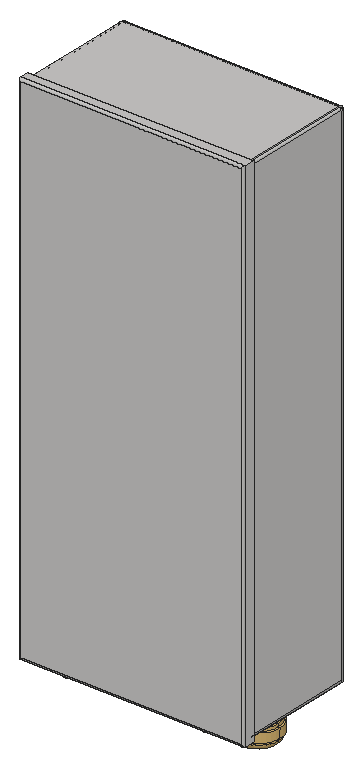
Revit family "HVAC_Other_Enertech_CTC_EL-9-26", category Specialty Equipment, Revit 2018
Family settings
  Round Connector Dimension = Use Diameter
  Part Type = Normal
  OmniClass Number = 23.75.00.00
  OmniClass Title = Climate Control (HVAC)
  Work Plane-Based = No
  Always vertical = No
  Cut with Voids When Loaded = No
  Shared = No
  Room Calculation Point = No
Parameters (values of type "CTC EL 9 400V3N")
  Weight = "9.3 kg"
  WaterVolumeWaterSuply = "N/A"
  WaterVolumeHeathingSystem = "1.6 liters"
  WarrantyStartDate [instance] = "n/a"
  WarrantyGuarantorParts = "n/a"
  WarrantyGuarantorLabor = "n/a"
  WarrantyDurationUnit = "Year"
  WarrantyDurationParts = "n/a"
  WarrantyDurationLabor = "n/a"
  WarrantyDescription = "n/a"
  VersionDate = "24/05/2022"  # constant formula
  Version = "1"  # constant formula
  UsageCurrent = 0 A
  Uniclass2015Reference = "Pr_40_70_65"
  Uniclass2015Description = "Preparation catering equipment"
  Uniclass2 = "Pr_40_70_65"
  URL = "https://ctc-heating.com/products/electric-heating"
  UNSPSCCode = "40102003"
  Type Comments = ""
  Touchscreen = "No"
  TagNumber [instance] = "n/a"
  SustainabilityPerformance = "n/a"
  Status = "n/a"
  SpecifiedOutput = "N/A"
  SoundPowerLWA = "35 dB(A)"
  Sound pressureLPA 5m = "N/A"
  Sound pressureLPA 1m = "N/A"
  Sound pressureLPA 10m = "N/A"
  Size = "138x244x563 mm"
  Shape = "Rectangular"
  SerialNumber [instance] = "7211 xxxx xxxx"
  SEERWarm = "N/A"
  SEERModerate = "N/A"
  SEERCold = "N/A"
  SCOPWarm = "N/A"
  SCOPModerate = "N/A"
  SCOPCold = "N/A"
  Revision = "n/a"  # constant formula
  ReplacementCost = "n/a"
  RefrigerantType = "N/A"
  RefrigerantQuantity = "N/A"
  ReferenceAirFlowRate = "N/A"
  Reference = "n/a"
  RatedVoltage = 1200 V
  RatedHeatOutputModerate = "N/A"
  RatedCurrent = 12.99 A
  PumpSecondaryMaterial = Brass
  PumpMainMaterial = Stainless Steel
  ProductInformation = "A compact and easy-to-install electric flow heater with three power stages: 3, 6 and 9 kW. Often used as additional heat in heat pump systems"
  Product data url = ""
  PowerFactor = 0 W
  PhaseReference = "n/a"
  PhaseAngle = 0.00°
  OutputRangeIimmersionHeater = "3-9 kW"
  OutputRange = "N/A"
  NominalWidth = 243.5 mm
  NominalVoltage = 400 V
  NominalHeight = 566.5 mm
  NominalFrequencyRange = 50 Hz
  NominalDepth = 137.7 mm
  NominalCurrent = 0 A
  Name = "CTC_EL-9-26"  # constant formula
  NBSReference = "90-40-40/320"
  NBSDescription = "Air to water heat pumps"
  ModelReference = "n/a"
  ModelNumber = "589840001"
  MinimumCeilingHeight = "N/A"
  MaxStartingCurrent = "N/A"
  MaxOperatingPressureThermalStore = "7 bar"
  MaxOperatingPressureHotWater = "N/A"
  MaxAirFlowRate = "N/A"
  Material = "Steel"
  ManufacturerURL = "https://ctc.se/"
  ManufacturerName = "Enertech AB"
  Model = "CTC EL 9"
  ManufacturerCountry = "Sweden"
  Manufacturer = "Enertech AB"
  InsulationStandardClass = "n/a"
  InstallationDate [instance] = "n/a"
  InPutPower = "N/A"
  IfcExportType = "HEATER"  # constant formula
  IfcExportAs = "IfcElectricalDeviceCommon"  # constant formula
  IP_Code = "IP44"
  HotTapWaterPerformance = "N/A"
  HasProtectiveEarth = yes
  GroupFuse = "16 A"
  Grade = "n/a"
  Finish = "n/a"
  Features = "n/a"
  ExpectedLife = "n/a"
  EnergyClass_HotWater_TapProfile = "A/XL"
  EnergyClass_HotWater = "N/A"
  EnergyClassHeatingWithControl = "N/A"
  ElectricalDeviceNominalPower = 9000 W
  EANNumber = "7333077098377"
  DurationUnit = "Year"
  Description = "A compact and easy-to-install electric flow heater with three power stages: 3, 6 and 9 kW. Often used as additional heat in heat pump systems"
  Cost = 0
  Constituents = "n/a"
  ConductorFunction = "n/a"
  Color = "white"
  CodePerformance = "n/a"
  Capacity = "N/A"
  COP = "N/A"
  CO2Equivalent = "N/A"
  BrineSystem_Min_MaxPressure = "N/A"
  Barcode [instance] = "n/a"
  AssetIdentifier [instance] = "n/a"
  Category = "electrical heating"
  Brand = "CTC"
  BIMObjectName = "HVAC_Other_Enertech_CTC_EL-9-26"  # constant formula
  Author = "BIMStone"  # constant formula
  AssetType = "Fixed"
  Artikel nr. = ""
  AirFlow = "N/A"
  Accessories = ""
  AccessibilityPerformance = "n/a"
Types (3, lengths in mm): name | Weight | WaterVolumeHeathingSystem | RatedCurrent | ProductInformation | OutputRangeIimmersionHeater | ModelNumber | Model | GroupFuse | ElectricalDeviceNominalPower | EANNumber | Description
  CTC EL 9 400V3N | "9.3 kg" | "1.6 liters" | 12.99 A | "A compact and easy-to-install electric flow heater with three power stages: 3, 6 and 9 kW. Often used as additional heat in heat pump systems" | "3-9 kW" | "589840001" | "CTC EL 9" | "16 A" | 9000 W | "7333077098377" | "A compact and easy-to-install electric flow heater with three power stages: 3, 6 and 9 kW. Often used as additional heat in heat pump systems"
  CTC EL 15 400V3N | "11 kg" | "4.5 liters" | 21.65 A | "A compact and easy-to-install electric flow heater with three power stages: 5, 10 and 15 kW. Often used as additional heat in heat pump systems" | "5-15 kW" | "589841001" | "CTC EL 15" | "25 A" | 15000 W | "7333077098384" | "A compact and easy-to-install electric flow heater with three power stages: 5, 10 and 15 kW. Often used as additional heat in heat pump systems"
  CTC EL 26 400V3N | "15 kg" | "4.5 liters" | 37.53 A | "A compact and easy-to-install electric flow heater with seven power stages: from 4 kW to 26 kW. Often used as additional heat in heat pump systems" | "4-26 kW" | "589842001" | "CTC EL 26" | "40 A" | 26000 W | "7333077098353" | "A compact and easy-to-install electric flow heater with seven power stages: from 4 kW to 26 kW. Often used as additional heat in heat pump systems"
Reference planes
  plane 1 "Center (Front/Back)": y = 0
  plane 2: z = 0
  plane 3 "Center (Left/Right)": x = 0
  plane 4: z = 566.5
  plane 5: y = 68.85
  plane 6: y = -68.85
  plane 7: x = -121.75
  plane 8: x = 121.75
Dimensions and locks
  "NominalHeight": plane 4 to level
  equal spacing: plane 5, plane 1 "Center (Front/Back)", plane 6
  "NominalDepth": plane 5 to plane 6
  equal spacing: plane 7, plane 3 "Center (Left/Right)", plane 8
  "NominalWidth": plane 7 to plane 8
  aligned and locked: level to plane 2
Nested families
  nested 1: "EL-9-26" at (0, 0, 0), Body <- "PumpMainMaterial", Connections <- "PumpSecondaryMaterial", Detail <- "PumpMainMaterial", type "EL-9-26"
    with Detail Stainless Steel, Connections Brass, Body Stainless Steel
Connectors
  electrical at (0, 0.825, 4.75), driven by "NominalVoltage"
    settings: on nested 1, index 1, voltage 400 V, apparent load 0 VA, apparent load phase1 0 VA, apparent load phase2 0 VA, apparent load phase3 0 VA, power factor 1, load classification "Other", number of poles 1, system type 31, power factor state 1, is connector primary yes, connector utility no, sub classification motor no, connector description ""
Definition of nested family "EL-9-26"
  Parameters (values of type "EL-9-26")
    Detail [instance] = none
    Connections [instance] = none
    Body [instance] = none
  Reference planes
    plane 1 "Center (Front/Back)": y = 0
    plane 2: z = 0
    plane 3 "Center (Left/Right)": x = 0
    plane 4: y = 68.875
    plane 5: y = -68.875
    plane 6: z = 566.5
    plane 7: x = -121.75
    plane 8: x = 121.75
  Forms (mm)
    Extrusion 1, solid, material <- "Body", detail levels medium+fine
      sketch origin (0, 0, 0) x (1, 0, 0) y (0, 1, 0)
        loop
          line (-120, 66.375) -> (-120, -66.375) -> (-118.8, -66.375) -> (-118.8, 66.375)
          arc (-118.8, 66.375) -> (-118.419, 67.294) -> (-117.5, 67.675) r 1.3
          line (-117.5, 67.675) -> (117.5, 67.675)
          arc (117.5, 67.675) -> (118.419, 67.294) -> (118.8, 66.375) r 1.3
          line (118.8, 66.375) -> (118.8, -66.375) -> (120, -66.375) -> (120, 66.375)
          arc (120, 66.375) -> (119.268, 68.143) -> (117.5, 68.875) r 2.5
          line (117.5, 68.875) -> (-117.5, 68.875)
          arc (-117.5, 68.875) -> (-119.268, 68.143) -> (-120, 66.375) r 2.5
      from 7.35 to 562.15
    Sweep 2, solid, material <- "Body", detail levels medium+fine
      path in 3D
        loop
          line (117.5, 68.875, 562.15) -> (-117.5, 68.875, 562.15)
      profile origin (0, 68.875, 562.15) x (0, -1, 0) y (0, 0, 1)
        loop
          arc (2.6, 2.6) -> (0.762, 1.838) -> (0, 0) r 2.6
          line (0, 0) -> (1.2, 0)
          arc (1.2, 0) -> (1.61, 0.99) -> (2.6, 1.4) r 1.4
          line (2.6, 1.4) -> (133.5, 1.4) -> (133.5, 2.6) -> (2.6, 2.6)
    Sweep 3, solid, material <- "Body", detail levels medium+fine
      path in 3D
        loop
          line (-120, 65.125, 562.15) -> (-120, -64.625, 562.15)
      profile origin (-120, 0.25, 562.15) x (1, 0, 0) y (0, 0, 1)
        loop
          arc (2.5, 1.35) -> (0.732, 0.618) -> (0, -1.15) r 2.5
          line (0, -1.15) -> (1.2, -1.15)
          arc (1.2, -1.15) -> (1.581, -0.231) -> (2.5, 0.15) r 1.3
          line (2.5, 0.15) -> (237.5, 0.15)
          arc (237.5, 0.15) -> (238.419, -0.231) -> (238.8, -1.15) r 1.3
          line (238.8, -1.15) -> (240, -1.15)
          arc (240, -1.15) -> (239.268, 0.618) -> (237.5, 1.35) r 2.5
          line (237.5, 1.35) -> (2.5, 1.35)
        loop
          line (2.5, -556.15) -> (237.5, -556.15)
          arc (237.5, -556.15) -> (239.268, -555.418) -> (240, -553.65) r 2.5
          line (240, -553.65) -> (238.8, -553.65)
          arc (238.8, -553.65) -> (238.419, -554.569) -> (237.5, -554.95) r 1.3
          line (237.5, -554.95) -> (2.5, -554.95)
          arc (2.5, -554.95) -> (1.581, -554.569) -> (1.2, -553.65) r 1.3
          line (1.2, -553.65) -> (0, -553.65)
          arc (0, -553.65) -> (0.732, -555.418) -> (2.5, -556.15) r 2.5
    Extrusion 4, void
      sketch origin (0, 0, 0) x (1, 0, 0) y (0, 0, 1)
        loop
          line (118.8, 561) -> (120, 561) -> (120, 562.15) -> (118.8, 562.15) -> (118.8, 561)
        loop
          line (-118.8, 561) -> (-118.8, 562.15) -> (-120, 562.15) -> (-120, 561) -> (-118.8, 561)
        loop
          line (118.8, 7.35) -> (120, 7.35) -> (120, 8.5) -> (118.8, 8.5) -> (118.8, 7.35)
        loop
          line (-118.8, 7.35) -> (-118.8, 8.5) -> (-120, 8.5) -> (-120, 7.35) -> (-118.8, 7.35)
      from -65.125 to 64.625
    Extrusion 5, solid, material <- "Body", detail levels medium+fine
      sketch origin (0, 0, 0) x (1, 0, 0) y (0, 0, 1)
        loop
          line (121.75, 566.5) -> (-121.75, 566.5) -> (-121.75, 3) -> (121.75, 3) -> (121.75, 566.5)
      from 55.875 to 68.875
    Sweep 6, void
      path in 3D
        loop
          line (-121.75, -68.875, 566.5) -> (-121.75, -68.875, 3) -> (121.75, -68.875, 3) -> (121.75, -68.875, 566.5) -> (-121.75, -68.875, 566.5)
      profile origin (0, -68.875, 566.5) x (0, -1, 0) y (0, 0, 1)
        loop
          line (0, 0) -> (-2.5, 0)
          arc (-2.5, 0) -> (-0.732, -0.732) -> (0, -2.5) r 2.5
          line (0, -2.5) -> (0, 0)
    Extrusion 7, solid, material <- "Connections", detail levels medium+fine
      sketch origin (0, 0, 0) x (0, 1, 0) y (0, 0, 1)
        loop
          line (-12.002, 472.25) -> (-27.879, 444.75) -> (-12.002, 417.25) -> (19.752, 417.25) -> (35.629, 444.75) -> (19.752, 472.25) -> (-12.002, 472.25)
        loop
          circle (3.875, 444.75) r 16.5
        loop
          line (-12.002, 122.25) -> (-27.879, 94.75) -> (-12.002, 67.25) -> (19.752, 67.25) -> (35.629, 94.75) -> (19.752, 122.25) -> (-12.002, 122.25)
        loop
          circle (3.875, 94.75) r 16.5
      from -120 to -130
    Revolve 8, solid, material <- "Connections", detail levels medium+fine
      sketch origin (0, 3.875, 0) x (1, 0, 0) y (0, 0, 1)
        loop
          line (-120, 461.25) -> (-120, 465.705) -> (-147.75, 465.705) -> (-148.75, 464.705) -> (-148.75, 461.25) -> (-120, 461.25)
        axis (-120, 444.75) -> (-148.75, 444.75)
      angle from 0 to 360
    Revolve 9, solid, material <- "Connections", detail levels medium+fine
      sketch origin (0, 3.875, -350) x (1, 0, 0) y (0, 0, 1)
        loop
          line (-120, 461.25) -> (-120, 465.705) -> (-147.75, 465.705) -> (-148.75, 464.705) -> (-148.75, 461.25) -> (-120, 461.25)
        axis (-120, 444.75) -> (-148.75, 444.75)
      angle from 0 to 360
    Revolve 10, void
      sketch origin (0, 3.875, 0) x (1, 0, 0) y (0, 0, 1)
        loop
          line (-118.8, 461.25) -> (-148.75, 461.25) -> (-148.75, 444.75) -> (-118.8, 444.75) -> (-118.8, 461.25)
        axis (-118.8, 444.75) -> (-148.75, 444.75)
      angle from 0 to 360
    Revolve 11, void
      sketch origin (0, 3.875, -350) x (1, 0, 0) y (0, 0, 1)
        loop
          line (-118.8, 461.25) -> (-148.75, 461.25) -> (-148.75, 444.75) -> (-118.8, 444.75) -> (-118.8, 461.25)
        axis (-118.8, 444.75) -> (-148.75, 444.75)
      angle from 0 to 360
    Sweep 12, solid, material <- "Body", detail levels medium+fine
      path in 3D
        loop
          line (-117.5, 68.875, 7.35) -> (117.5, 68.875, 7.35)
      profile origin (0, 68.875, 7.35) x (0, -1, 0) y (0, 0, -1)
        loop
          line (0, 0) -> (1.2, 0)
          arc (1.2, 0) -> (1.61, 0.99) -> (2.6, 1.4) r 1.4
          line (2.6, 1.4) -> (133.5, 1.4) -> (133.5, 2.6) -> (2.6, 2.6)
          arc (2.6, 2.6) -> (0.762, 1.838) -> (0, 0) r 2.6
    Revolve 13, solid, material <- "Connections", detail levels medium+fine
      sketch origin (0, 3.817, 0) x (1, 0, 0) y (0, 0, 1)
        loop
          arc (59, -29.124) -> (60.501, -32.749) -> (64.126, -34.25) r 5.126
          line (64.126, -34.25) -> (67.59, -34.25) -> (67.59, -29.921) -> (70.498, -29.921) -> (70.498, 4.75) -> (56.834, 4.75) -> (56.834, -3.499) -> (61.273, -3.499) -> (61.273, -12.8) -> (59, -12.8) -> (59, -16.049) -> (56.834, -16.049) -> (56.834, -25.875) -> (59, -25.875) -> (59, -29.124)
        axis (80, 4.75) -> (80, -34.25)
      angle from 0 to 360
    Revolve 14, solid, material <- "Connections", detail levels medium+fine
      sketch origin (0, 3.388, 0) x (1, 0, 0) y (0, 0, 1)
        loop
          line (5.108, -9.938) -> (5.108, -16.82) -> (6.5, -16.82) -> (6.5, -18.878)
          arc (6.5, -18.878) -> (7.78, -21.97) -> (10.872, -23.25) r 4.372
          line (10.872, -23.25) -> (13.349, -23.25) -> (13.349, 4.75) -> (5.108, 4.75) -> (5.108, -0.838) -> (7.998, -0.838) -> (7.998, -7.85) -> (6.5, -7.85) -> (6.5, -9.938) -> (5.108, -9.938)
        axis (20, 4.75) -> (20, -23.25)
      angle from 0 to 360
    Revolve 15, solid, material <- "Detail", detail levels medium+fine
      sketch origin (0, -60.225, 0) x (1, 0, 0) y (0, 0, 1)
        loop
          line (-78.983, 3) -> (-78.983, 0.999)
          arc (-78.983, 0.999) -> (-78.69, 0.293) -> (-77.984, 0) r 0.999
          line (-77.984, 0) -> (-75, 0) -> (-75, 3) -> (-78.983, 3)
        axis (-75, 3) -> (-75, 0)
      angle from 0 to 360
    Revolve 16, solid, material <- "Detail", detail levels medium+fine
      sketch origin (150, -60.225, 0) x (1, 0, 0) y (0, 0, 1)
        loop
          line (-78.983, 3) -> (-78.983, 0.999)
          arc (-78.983, 0.999) -> (-78.69, 0.293) -> (-77.984, 0) r 0.999
          line (-77.984, 0) -> (-75, 0) -> (-75, 3) -> (-78.983, 3)
        axis (-75, 3) -> (-75, 0)
      angle from 0 to 360
    Revolve 17, solid, material <- "Detail", detail levels medium+fine
      sketch origin (0, 53.875, 0) x (1, 0, 0) y (0, 0, 1)
        loop
          line (-40, 0.755) -> (-40, 4.75) -> (-48.996, 4.75) -> (-48.727, 1.668)
          arc (-48.727, 1.668) -> (-48.406, 1.018) -> (-47.731, 0.755) r 1
          line (-47.731, 0.755) -> (-40, 0.755)
        axis (-40, 4.75) -> (-40, 0.755)
      angle from 0 to 360
    Extrusion 18, solid, material <- "Body", detail levels coarse
      sketch origin (0, 0, 0) x (1, 0, 0) y (0, 1, 0)
        loop
          line (-121.75, 68.875) -> (-121.75, -68.875) -> (121.75, -68.875) -> (121.75, 68.875) -> (-121.75, 68.875)
      from 0 to 566.5
  Cuts and joins
    Extrusion 4, Revolve 10, Revolve 11 cuts Extrusion 1
    Revolve 10 cuts Sweep 3
    joined: Extrusion 1, Sweep 3
    Sweep 6 cuts Extrusion 5
  Lines and regions (mm)
    sketch lines
      curve 1: line (117.5, 68.875, 562.15) -> (-117.5, 68.875, 562.15)
      curve 2: line (-120, 65.125, 562.15) -> (-120, -64.625, 562.15)
      curve 3: line (121.75, -68.875, 566.5) -> (-121.75, -68.875, 566.5)
      curve 4: line (-121.75, -68.875, 566.5) -> (-121.75, -68.875, 3)
      curve 5: line (121.75, -68.875, 3) -> (121.75, -68.875, 566.5)
      curve 6: line (-121.75, -68.875, 3) -> (121.75, -68.875, 3)
      curve 7: line (-117.5, 68.875, 7.35) -> (117.5, 68.875, 7.35)
    symbolic lines, detail levels medium+fine
      curve 8: line (-121.75, -55.875, 0) -> (-120, -55.875, 0)
      curve 9: line (-121.75, -66.375, 0) -> (-121.75, -55.875, 0)
      curve 10: line (119.25, -68.875, 0) -> (-119.25, -68.875, 0)
      curve 11: line (121.75, -55.875, 0) -> (121.75, -66.375, 0)
      curve 12: arc (-119.25, -68.875, 0) -> (-121.018, -68.143, 0) -> (-121.75, -66.375, 0) r 2.5
      curve 13: arc (121.75, -66.375, 0) -> (121.018, -68.143, 0) -> (119.25, -68.875, 0) r 2.5
      curve 14: line (-117.5, 68.875, 0) -> (117.5, 68.875, 0)
      curve 15: line (-120, -55.875, 0) -> (-120, -26.127, 0)
      curve 16: line (120, 66.375, 0) -> (120, -55.875, 0)
      curve 17: arc (-120, 66.375, 0) -> (-119.268, 68.143, 0) -> (-117.5, 68.875, 0) r 2.5
      curve 18: arc (117.5, 68.875, 0) -> (119.268, 68.143, 0) -> (120, 66.375, 0) r 2.5
      curve 20: line (120, -55.875, 0) -> (121.75, -55.875, 0)
      curve 21: line (-148.75, 23.83, 0) -> (-147.75, 24.83, 0)
      curve 22: line (-147.75, 24.83, 0) -> (-130, 24.83, 0)
      curve 23: line (-130, 24.83, 0) -> (-130, 33.877, 0)
      curve 24: line (-129, 35.629, 0) -> (-121, 35.629, 0)
      curve 25: line (-148.75, -16.08, 0) -> (-147.75, -17.08, 0)
      curve 26: line (-147.75, -17.08, 0) -> (-130, -17.08, 0)
      curve 27: line (-130, -17.08, 0) -> (-130, -26.127, 0)
      curve 29: line (-148.75, -16.08, 0) -> (-148.75, 23.83, 0)
      curve 30: line (-120, 33.877, 0) -> (-120, 66.375, 0)
      curve 32: line (-129, 35.629, 0) -> (-130, 33.877, 0)
      curve 33: line (-121, 35.629, 0) -> (-120, 33.877, 0)
      curve 34: line (-129, -27.879, 0) -> (-121, -27.879, 0)
      curve 35: line (-129, -27.879, 0) -> (-130, -26.127, 0)
      curve 36: line (-121, -27.879, 0) -> (-120, -26.127, 0)
      curve 37: line (0, 66.275, 564.75) -> (0, -55.875, 564.75)
      curve 38: arc (0, 68.875, 562.15) -> (0, 68.113, 563.988) -> (0, 66.275, 564.75) r 2.6
      curve 39: line (0, 68.875, 562.15) -> (0, 68.875, 7.35)
      curve 40: line (0, -55.875, 3) -> (0, -55.875, 4.75)
      curve 41: line (0, -55.875, 566.5) -> (0, -66.375, 566.5)
      curve 42: arc (0, -68.875, 564) -> (0, -68.143, 565.768) -> (0, -66.375, 566.5) r 2.5
      curve 43: line (0, -68.875, 564) -> (0, -68.875, 5.156)
      curve 48: line (0, -55.875, 564.75) -> (0, -55.875, 566.5)
      curve 49: line (0, 53.875, 0.755) -> (0, 61.606, 0.755)
      curve 50: arc (0, 61.606, 0.755) -> (0, 62.282, 1.018) -> (0, 62.602, 1.668) r 1
      curve 51: line (0, 62.602, 1.668) -> (0, 62.872, 4.75)
      curve 52: line (0, -55.875, 4.75) -> (0, -18.055, 4.75)
      curve 53: arc (0, 68.875, 7.35) -> (0, 68.113, 5.512) -> (0, 66.275, 4.75) r 2.6
      curve 58: line (0, 53.875, 0.755) -> (0, 46.144, 0.755)
      curve 59: arc (0, 46.144, 0.755) -> (0, 45.468, 1.018) -> (0, 45.148, 1.668) r 1
      curve 60: line (0, 45.148, 1.668) -> (0, 44.878, 4.75)
      curve 61: line (0, -66.574, 3) -> (0, -64.208, 3)
      curve 62: spline (0, -66.574, 3) -> (0, -66.895, 3.079) -> (0, -67.203, 3.182) -> (0, -67.493, 3.308) -> (0, -67.763, 3.455) -> (0, -68.008, 3.622) -> (0, -68.227, 3.806) -> (0, -68.417, 4.006) -> (0, -68.575, 4.22) -> (0, -68.7, 4.444) -> (0, -68.791, 4.677) -> (0, -68.845, 4.915) -> (0, -68.864, 5.156)
      curve 63: line (0, -56.242, 0.999) -> (0, -56.242, 3)
      curve 64: arc (0, -57.241, 0) -> (0, -56.535, 0.293) -> (0, -56.242, 0.999) r 0.999
      curve 65: line (0, -60.225, 0) -> (0, -57.241, 0)
      curve 66: line (0, -64.208, 0.999) -> (0, -64.208, 3)
      curve 67: arc (0, -63.209, 0) -> (0, -63.915, 0.293) -> (0, -64.208, 0.999) r 0.999
      curve 68: line (0, -60.225, 0) -> (0, -63.209, 0)
      curve 70: line (0, -56.242, 3) -> (0, -55.875, 3)
      curve 73: line (0, 62.872, 4.75) -> (0, 66.275, 4.75)
      curve 74: line (0, 25.689, -25.875) -> (0, 25.689, -16.049)
      curve 75: line (0, 25.689, -16.049) -> (0, 24.817, -16.049)
      curve 76: line (0, 24.817, -16.049) -> (0, 24.817, -12.8)
      curve 77: line (0, 24.817, -12.8) -> (0, 22.545, -12.8)
      curve 78: line (0, 22.545, -12.8) -> (0, 22.545, -3.499)
      curve 79: line (0, 22.545, -3.499) -> (0, 25.689, -3.499)
      curve 80: line (0, 25.689, -3.499) -> (0, 25.689, 4.75)
      curve 81: line (0, 3.817, -34.25) -> (0, 19.691, -34.25)
      curve 82: arc (0, 19.691, -34.25) -> (0, 23.316, -32.749) -> (0, 24.817, -29.124) r 5.126
      curve 83: line (0, 24.817, -29.124) -> (0, 24.817, -25.875)
      curve 84: line (0, 24.817, -25.875) -> (0, 25.689, -25.875)
      curve 90: line (0, 25.689, 4.75) -> (0, 44.878, 4.75)
      curve 91: line (0, -18.055, -25.875) -> (0, -18.055, -16.049)
      curve 92: line (0, -18.055, -16.049) -> (0, -17.183, -16.049)
      curve 93: line (0, -17.183, -16.049) -> (0, -17.183, -12.8)
      curve 94: line (0, -17.183, -12.8) -> (0, -14.91, -12.8)
      curve 95: line (0, -14.91, -12.8) -> (0, -14.91, -3.499)
      curve 96: line (0, -14.91, -3.499) -> (0, -18.055, -3.499)
      curve 97: line (0, -18.055, -3.499) -> (0, -18.055, 4.75)
      curve 98: line (0, 3.817, -34.25) -> (0, -12.056, -34.25)
      curve 99: arc (0, -12.056, -34.25) -> (0, -15.681, -32.749) -> (0, -17.183, -29.124) r 5.126
      curve 100: line (0, -17.183, -29.124) -> (0, -17.183, -25.875)
      curve 101: line (0, -17.183, -25.875) -> (0, -18.055, -25.875)
      curve 106: line (56.834, 0, -16.049) -> (56.834, 0, -25.875)
      curve 107: line (56.834, 0, -25.875) -> (59, 0, -25.875)
      curve 108: line (59, 0, -25.875) -> (59, 0, -29.124)
      curve 109: arc (59, 0, -29.124) -> (60.501, 0, -32.749) -> (64.126, 0, -34.25) r 5.126
      curve 110: line (56.834, 0, 3) -> (56.834, 0, -3.499)
      curve 111: line (56.834, 0, -3.499) -> (61.273, 0, -3.499)
      curve 112: line (61.273, 0, -3.499) -> (61.273, 0, -12.8)
      curve 113: line (61.273, 0, -12.8) -> (59, 0, -12.8)
      curve 114: line (59, 0, -12.8) -> (59, 0, -16.049)
      curve 115: line (59, 0, -16.049) -> (56.834, 0, -16.049)
      curve 116: line (5.108, 0, -9.938) -> (5.108, 0, -16.82)
      curve 117: line (5.108, 0, -16.82) -> (6.5, 0, -16.82)
      curve 118: line (6.5, 0, -16.82) -> (6.5, 0, -18.878)
      curve 119: arc (6.5, 0, -18.878) -> (7.78, 0, -21.97) -> (10.872, 0, -23.25) r 4.372
      curve 120: line (5.108, 0, 3) -> (5.108, 0, -0.838)
      curve 121: line (5.108, 0, -0.838) -> (7.998, 0, -0.838)
      curve 122: line (7.998, 0, -0.838) -> (7.998, 0, -7.85)
      curve 123: line (7.998, 0, -7.85) -> (6.5, 0, -7.85)
      curve 124: line (6.5, 0, -7.85) -> (6.5, 0, -9.938)
      curve 125: line (6.5, 0, -9.938) -> (5.108, 0, -9.938)
      curve 126: line (34.892, 0, -9.938) -> (34.892, 0, -16.82)
      curve 127: line (34.892, 0, -16.82) -> (33.5, 0, -16.82)
      curve 128: line (33.5, 0, -16.82) -> (33.5, 0, -18.878)
      curve 129: arc (33.5, 0, -18.878) -> (32.22, 0, -21.97) -> (29.128, 0, -23.25) r 4.372
      curve 130: line (29.128, 0, -23.25) -> (10.872, 0, -23.25)
      curve 131: line (34.892, 0, 3) -> (34.892, 0, -0.838)
      curve 132: line (34.892, 0, -0.838) -> (32.002, 0, -0.838)
      curve 133: line (32.002, 0, -0.838) -> (32.002, 0, -7.85)
      curve 134: line (32.002, 0, -7.85) -> (33.5, 0, -7.85)
      curve 135: line (33.5, 0, -7.85) -> (33.5, 0, -9.938)
      curve 136: line (33.5, 0, -9.938) -> (34.892, 0, -9.938)
      curve 137: line (103.166, 0, -16.049) -> (103.166, 0, -25.875)
      curve 138: line (103.166, 0, -25.875) -> (101, 0, -25.875)
      curve 139: line (101, 0, -25.875) -> (101, 0, -29.124)
      curve 140: arc (101, 0, -29.124) -> (99.499, 0, -32.749) -> (95.874, 0, -34.25) r 5.126
      curve 141: line (95.874, 0, -34.25) -> (64.126, 0, -34.25)
      curve 142: line (103.166, 0, 3) -> (103.166, 0, -3.499)
      curve 143: line (103.166, 0, -3.499) -> (98.727, 0, -3.499)
      curve 144: line (98.727, 0, -3.499) -> (98.727, 0, -12.8)
      curve 145: line (98.727, 0, -12.8) -> (101, 0, -12.8)
      curve 146: line (101, 0, -12.8) -> (101, 0, -16.049)
      curve 147: line (101, 0, -16.049) -> (103.166, 0, -16.049)
      curve 148: line (-121.75, 0, 566.5) -> (121.75, 0, 566.5)
      curve 149: line (-121.75, 0, 3) -> (-121.75, 0, 67.25)
      curve 150: line (121.75, 0, 3) -> (103.166, 0, 3)
      curve 151: line (121.75, 0, 566.5) -> (121.75, 0, 3)
      curve 153: line (56.834, 0, 3) -> (34.892, 0, 3)
      curve 155: line (5.108, 0, 3) -> (-71.017, 0, 3)
      curve 164: line (-78.983, 0, 3) -> (-78.983, 0, 0.999)
      curve 165: arc (-78.983, 0, 0.999) -> (-78.69, 0, 0.293) -> (-77.984, 0, 0) r 0.999
      curve 166: line (-77.984, 0, 0) -> (-75, 0, 0)
      curve 167: line (-71.017, 0, 3) -> (-71.017, 0, 0.999)
      curve 168: arc (-71.017, 0, 0.999) -> (-71.31, 0, 0.293) -> (-72.016, 0, 0) r 0.999
      curve 169: line (-72.016, 0, 0) -> (-75, 0, 0)
      curve 171: line (-78.983, 0, 3) -> (-121.75, 0, 3)
      curve 172: line (-130, 0, 67.25) -> (-121.75, 0, 67.25)
      curve 173: line (-130, 0, 122.25) -> (-130, 0, 115.705)
      curve 174: line (-121.75, 0, 122.25) -> (-130, 0, 122.25)
      curve 175: line (-148.75, 0, 114.705) -> (-148.75, 0, 94.75)
      curve 176: line (-147.75, 0, 115.705) -> (-148.75, 0, 114.705)
      curve 177: line (-130, 0, 115.705) -> (-147.75, 0, 115.705)
      curve 178: line (-148.75, 0, 74.795) -> (-148.75, 0, 94.75)
      curve 179: line (-147.75, 0, 73.795) -> (-148.75, 0, 74.795)
      curve 180: line (-130, 0, 73.795) -> (-147.75, 0, 73.795)
      curve 182: line (-130, 0, 73.795) -> (-130, 0, 67.25)
      curve 183: line (-130, 0, 417.25) -> (-121.75, 0, 417.25)
      curve 184: line (-130, 0, 472.25) -> (-130, 0, 465.705)
      curve 185: line (-121.75, 0, 472.25) -> (-130, 0, 472.25)
      curve 186: line (-148.75, 0, 464.705) -> (-148.75, 0, 444.75)
      curve 187: line (-147.75, 0, 465.705) -> (-148.75, 0, 464.705)
      curve 188: line (-130, 0, 465.705) -> (-147.75, 0, 465.705)
      curve 189: line (-148.75, 0, 424.795) -> (-148.75, 0, 444.75)
      curve 190: line (-147.75, 0, 423.795) -> (-148.75, 0, 424.795)
      curve 191: line (-130, 0, 423.795) -> (-147.75, 0, 423.795)
      curve 193: line (-130, 0, 423.795) -> (-130, 0, 417.25)
      curve 194: line (-121.75, 0, 472.25) -> (-121.75, 0, 566.5)
      curve 196: line (-121.75, 0, 122.25) -> (-121.75, 0, 417.25)
    symbolic lines, detail levels fine
      curve 19: line (-120, -55.875, 0) -> (120, -55.875, 0)
      curve 28: line (-130, 24.83, 0) -> (-130, -17.08, 0)
      curve 31: line (-120, -26.127, 0) -> (-120, 33.877, 0)
      curve 44: arc (0, 66.275, 563.55) -> (0, 67.265, 563.14) -> (0, 67.675, 562.15) r 1.4
      curve 45: line (0, -55.875, 563.55) -> (0, 66.275, 563.55)
      curve 46: line (0, 68.875, 562.15) -> (0, 65.125, 562.15)
      curve 47: line (0, 65.125, 562.15) -> (0, 65.125, 563.55)
      curve 54: arc (0, 66.275, 5.95) -> (0, 67.265, 6.36) -> (0, 67.675, 7.35) r 1.4
      curve 55: line (0, 66.275, 5.95) -> (0, -55.875, 5.95)
      curve 56: line (0, 65.125, 7.35) -> (0, 68.875, 7.35)
      curve 57: line (0, 65.125, 7.35) -> (0, 65.125, 5.95)
      curve 69: line (0, -64.208, 3) -> (0, -56.242, 3)
      curve 71: line (0, -55.875, 4.75) -> (0, -55.875, 564.75)
      curve 72: line (0, 44.878, 4.75) -> (0, 62.872, 4.75)
      curve 85: line (0, 24.817, -25.875) -> (0, 3.817, -25.875)
      curve 86: line (0, 24.817, -16.049) -> (0, 3.817, -16.049)
      curve 87: line (0, 22.545, -12.8) -> (0, 3.817, -12.8)
      curve 88: line (0, 22.545, -3.499) -> (0, 3.817, -3.499)
      curve 89: line (0, -18.055, 4.75) -> (0, 25.689, 4.75)
      curve 102: line (0, -17.183, -25.875) -> (0, 3.817, -25.875)
      curve 103: line (0, -17.183, -16.049) -> (0, 3.817, -16.049)
      curve 104: line (0, -14.91, -12.8) -> (0, 3.817, -12.8)
      curve 105: line (0, -14.91, -3.499) -> (0, 3.817, -3.499)
      curve 152: line (103.166, 0, 3) -> (56.834, 0, 3)
      curve 154: line (34.892, 0, 3) -> (5.108, 0, 3)
      curve 156: line (6.5, 0, -16.82) -> (33.5, 0, -16.82)
      curve 157: line (33.5, 0, -9.938) -> (6.5, 0, -9.938)
      curve 158: line (7.998, 0, -7.85) -> (32.002, 0, -7.85)
      curve 159: line (32.002, 0, -0.838) -> (7.998, 0, -0.838)
      curve 160: line (61.273, 0, -3.499) -> (98.727, 0, -3.499)
      curve 161: line (98.727, 0, -12.8) -> (61.273, 0, -12.8)
      curve 162: line (59, 0, -16.049) -> (101, 0, -16.049)
      curve 163: line (101, 0, -25.875) -> (59, 0, -25.875)
      curve 170: line (-71.017, 0, 3) -> (-78.983, 0, 3)
      curve 181: line (-130, 0, 115.705) -> (-130, 0, 73.795)
      curve 192: line (-130, 0, 465.705) -> (-130, 0, 423.795)
      curve 195: line (-121.75, 0, 417.25) -> (-121.75, 0, 472.25)
      curve 197: line (-121.75, 0, 67.25) -> (-121.75, 0, 122.25)
  Dimensions and locks
    aligned and locked: level to plane 2
